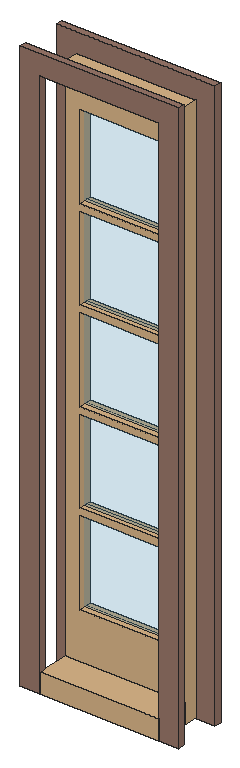
Revit family "Sidelights 1", category Windows, host Wall, Revit 2016
Family settings
  Host = Wall
  Always vertical = Yes
  Cut with Voids When Loaded = No
  Shared = Yes
  Room Calculation Point = No
Parameters (values of type "18" x 84"")
  Assembly Code = "B2030500"
  Door Material = Door - Panel
  Frame Material = Door - Frame
  Height = 7' - 0"
  Muntin = 0' - 1"
  Rail Width - Base = 0' - 10"
  Rail Width - Top = 0' - 5"
  Stile Width = 0' - 2"
  Trim Projection Ext = 0' - 1"
  Trim Projection Int = 0' - 1"
  Trim Width = 0' - 3"
  Wall Closure = By host
  Width = 1' - 6"
  Analytic Construction = "<None>"
Reference planes (in)
  plane 1: y = 0
  plane 2: z = 0
  plane 3: x = 10
  plane 4: x = 1
  plane 5: x = 19
  plane 6: z = 84
  plane 7: x = 17
  plane 8: x = 3
  plane 9: z = 79
  plane 10: z = 10
  plane 11: z = 65.2
  plane 12: z = 64.2
  plane 13: z = 51.4
  plane 14: z = 50.4
  plane 15: z = 36.6
  plane 16: z = 37.6
  plane 17: z = 23.8
  plane 18: z = 22.8
  plane 19: z = 78
Forms (in)
  Extrusion 1, solid, material "Door - Frame" <- "Frame Material"
    sketch origin (-152, -3, 0) x (1, 0, 0) y (0, 0, 1)
      loop
        line (153, 0) -> (153, 84) -> (171, 84) -> (171, 0) -> (174, 0) -> (174, 87) -> (150, 87) -> (150, 0) -> (153, 0)
    from 0 to 1
  Extrusion 2, solid, material "Door - Panel" <- "Door Material"
    sketch origin (-152, 4, 0) x (-1, 0, 0) y (0, 0, 1)
      loop
        line (-171, 84) -> (-171, 0) -> (-153, 0) -> (-153, 84) -> (-171, 84)
      loop
        line (-169, 78) -> (-169, 65.2) -> (-155, 65.2) -> (-155, 78) -> (-169, 78)
      loop
        line (-169, 64.2) -> (-169, 51.4) -> (-155, 51.4) -> (-155, 64.2) -> (-169, 64.2)
      loop
        line (-169, 50.4) -> (-169, 37.6) -> (-155, 37.6) -> (-155, 50.4) -> (-169, 50.4)
      loop
        line (-169, 36.6) -> (-169, 23.8) -> (-155, 23.8) -> (-155, 36.6) -> (-169, 36.6)
      loop
        line (-169, 22.8) -> (-169, 10) -> (-155, 10) -> (-155, 22.8) -> (-169, 22.8)
    from -1 to -3
  Extrusion 3, solid, material "Glass"
    sketch origin (-152, 3, 0) x (-1, 0, 0) y (0, 0, 1)
      loop
        line (-169, 78) -> (-169, 65.2) -> (-155, 65.2) -> (-155, 78) -> (-169, 78)
      loop
        line (-169, 64.2) -> (-169, 51.4) -> (-155, 51.4) -> (-155, 64.2) -> (-169, 64.2)
      loop
        line (-169, 50.4) -> (-169, 37.6) -> (-155, 37.6) -> (-155, 50.4) -> (-169, 50.4)
      loop
        line (-169, 36.6) -> (-169, 23.8) -> (-155, 23.8) -> (-155, 36.6) -> (-169, 36.6)
      loop
        line (-169, 22.8) -> (-169, 10) -> (-155, 10) -> (-155, 22.8) -> (-169, 22.8)
    from -0.75 to -1.25
  Extrusion 4, solid, material "Door - Panel" <- "Door Material"
    sketch origin (-152, -4, 0) x (1, 0, 0) y (0, 0, 1)
      loop
        line (153, 0) -> (171, 0) -> (171, 3) -> (153, 3) -> (153, 0)
    from 0 to -5
  Extrusion 5, solid, material "Door - Frame" <- "Frame Material"
    sketch origin (-60, 3, 0) x (-1, 0, 0) y (0, 0, 1)
      loop
        line (-79, 84) -> (-79, 3) -> (-61, 3) -> (-61, 84) -> (-79, 84)
      loop
        line (-58, 0) -> (-58, 87) -> (-82, 87) -> (-82, 0) -> (-58, 0)
    from 0 to 1
Lines and regions (in)
  Opening 1
    outline origin (-152, -3, 0) x (1, 0, 0) y (0, 0, 1)
      loop
        line (153, 0) -> (171, 0) -> (171, 84) -> (153, 84) -> (153, 0)
  symbolic lines, style "WindowsFrameMullionProjection"
    curve 1: line (1, 3, 0) -> (1, 1, 0)
    curve 2: line (3, 1, 0) -> (3, 3, 0)
    curve 3: line (17, 3, 0) -> (17, 1, 0)
    curve 4: line (19, 1, 0) -> (19, 3, 0)
    curve 5: line (19, 1, 0) -> (1, 1, 0)
    curve 6: line (1, 3, 0) -> (19, 3, 0)
  symbolic lines, style "WindowsGlassProjection"
    curve 7: line (17, 2.25, 0) -> (3, 2.25, 0)
    curve 8: line (3, 1.75, 0) -> (17, 1.75, 0)
Text (in)
  text "Exterior" at (-46.84069, 10.67255, 0), in view "Floor Line"
  text "Exterior" at (0, 30.799, 115.32891), in view "Right"
  text "Exterior" at (0, 33.74171, 115.98584), in view "Left"
Dimensions and locks (in)
  equal spacing: plane 4, plane 3, plane 5
  "Width": plane 4 to plane 5
  "Height": plane 2 to plane 6
  "Trim Width": plane 4 to Extrusion 1 sketch curve
  "Trim Width": plane 5 to Extrusion 1 sketch curve
  "Trim Width": plane 6 to Extrusion 1 sketch curve
  equal spacing: plane 10, plane 17, plane 16, plane 13, plane 11, plane 9
  "Rail Width - Base": host wall to plane 10
  "Rail Width - Top": plane 9 to plane 6
  "Muntin": plane 12 to plane 11
  "Muntin": plane 14 to plane 13
  "Muntin": plane 15 to plane 16
  "Muntin": plane 18 to plane 17
  locked: plane 19 to plane 9 at 1
  "Stile Width": plane 7 to plane 5
  "Stile Width": plane 8 to plane 4
  "Trim Projection Int": Extrusion 1 to host wall
  locked: host wall to Extrusion 2
  "Trim Width": level to Extrusion 5 sketch curve
  "Trim Projection Ext": Extrusion 5 to host wall
  locked: Extrusion 2 to host wall at 2
  locked: host wall to Extrusion 4 at 2
  aligned and locked: plane 4 to Opening 1 sketch curve
  aligned and locked: plane 6 to Opening 1 sketch curve  (x2)
  aligned and locked: Opening 1 sketch curve to plane 5
  aligned and locked: Opening 1 sketch curve to level
  aligned and locked: plane 1 to host wall
  aligned and locked: plane 4 to Extrusion 1 sketch curve  (x2)
  aligned and locked: plane 2 to Extrusion 1 sketch curve  (x2)
  aligned and locked: plane 5 to Extrusion 1 sketch curve
  aligned and locked: plane 6 to Extrusion 1 sketch curve  (x2)
  aligned and locked: Extrusion 1 to host wall
  aligned and locked: Extrusion 2 sketch curve to Extrusion 1  (x2)
  aligned and locked: plane 7 to Extrusion 2 sketch curve  (x5)
  aligned and locked: plane 19 to Extrusion 2 sketch curve
  aligned and locked: plane 11 to Extrusion 2 sketch curve
  aligned and locked: plane 8 to Extrusion 2 sketch curve  (x5)
  aligned and locked: plane 12 to Extrusion 2 sketch curve
  aligned and locked: plane 13 to Extrusion 2 sketch curve
  aligned and locked: plane 14 to Extrusion 2 sketch curve
  aligned and locked: plane 16 to Extrusion 2 sketch curve
  aligned and locked: plane 15 to Extrusion 2 sketch curve
  aligned and locked: plane 17 to Extrusion 2 sketch curve
  aligned and locked: plane 18 to Extrusion 2 sketch curve
  aligned and locked: plane 10 to Extrusion 2 sketch curve
  aligned and locked: Extrusion 3 sketch curve to Extrusion 2  (x20)
  aligned and locked: Extrusion 5 sketch curve to Extrusion 2  (x2)
  aligned and locked: Extrusion 5 sketch curve to Extrusion 1  (x3)
  aligned and locked: Extrusion 5 sketch curve to control icon elem
  aligned and locked: Extrusion 1 to Extrusion 5 sketch curve
  aligned and locked: curve 6 to Extrusion 2
  aligned and locked: curve 5 to Extrusion 2
Automatic sketch dimensions
  Extrusion 1 sketch curve to level = 0' - 0"
  Extrusion 4 sketch curve to plane 4 = 0' - 0"
  Extrusion 4 sketch curve to plane 5 = 0' - 0"
  Extrusion 4 sketch curve to level = 0' - 0"
  level to Extrusion 4 sketch curve = 0' - 3"
  Extrusion 2 sketch curve to plane 5 = 0' - 0"
  Extrusion 2 sketch curve to plane 6 = 0' - 0"
  curve 1 to plane 4 = 0' - 0"
  curve 2 to plane 8 = 0' - 0"
  curve 3 to plane 7 = 0' - 0"
  curve 4 to plane 5 = 0' - 0"
  curve 3 to curve 8 = 0' - 0 3/4"
  curve 8 to curve 7 = 0' - 0 1/2"
